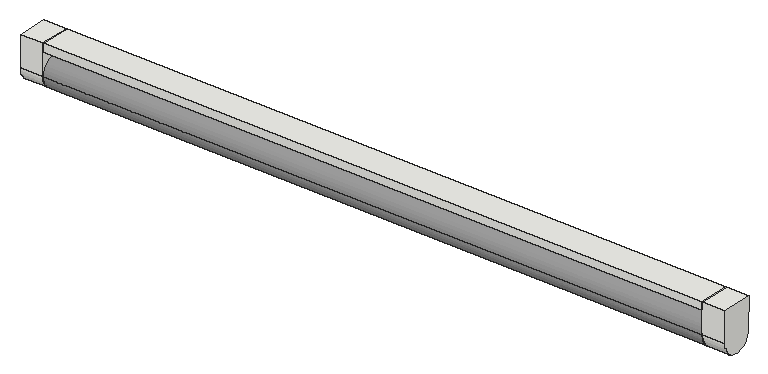
Revit family "M_Luminária embutida - Faixa", category Luminárias, Revit 2019
Family settings
  Cota do conector redondo = Utilizar diâmetro
  Tipo de parte = Normal
  Número OmniClass = 23.80.70.11.14.11
  Título OmniClass = Downlights
  ID de item do Seek = Downlight - Strip-0000-CAN-ENU
  Com base no plano de trabalho = Não
  Sempre na vertical = Sim
  Corte com vazios quando carregada = Não
  Fonte luminosa = Sim
  Compartilhado = Não
  Ponto de cálculo do ambiente = Não
Parameters (values of type "0600mm - 120V")
  Comentários de voltagem = "17"
  Wattage = 17 W
  built-in parameter 1150110 = 1 (stored number, unit not read)
  built-in parameter 1114217 = 0.88 (stored number, unit not read)
  built-in parameter 1150109 = 1 (stored number, unit not read)
  built-in parameter 1150134 = 8
  built-in parameter 1150113 = 1 (stored number, unit not read)
  Tilt Angle = 90.00°
  Arquivo de rede fotométrica = "DS1T8.IES"
  Lumens = 1349.97 lm
  built-in parameter 1150115 = 1 (stored number, unit not read)
  built-in parameter 1150105 = 107.43 (stored number, unit not read)
  Classificação de carga = Iluminação - Unidade de interrupção
  built-in parameter 1150137 = 1
  built-in parameter 1150139 = (empty or 0)
  Elevação da luz [instance] = 1350 mm
  Comprimento da luz = 600 mm
  Material da caixa de luz = Aço, acabamento de pintura, marfim, com brilho
  built-in parameter 1150112 = 1 (stored number, unit not read)
  built-in parameter 1150114 = 1 (stored number, unit not read)
  Lâmpada = "T-8"
  built-in parameter 1150132 = (empty or 0)
  built-in parameter 1150102 = (empty or 0)
  built-in parameter 1150138 = (empty or 0)
  built-in parameter 1150107 = 4230 (stored number, unit not read)
  built-in parameter 1150106 = 1.0743 (stored number, unit not read)
  Material hidráulico = Vidro, Branco, Alta Luminosidade
  Emitir do comprimento da linha = Comprimento da luz - 38 mm  # 562 mm
  built-in parameter 1150104 = 7.3774 (stored number, unit not read)
  Troca de temperatura da cor de lâmpada com esmaecimento = <Nenhum>
  Filtro de cor = 16777215
  Voltagem do transformador = 120 V
  Transformador por número de postes = 1
  built-in parameter 1114218 = 0.88 (stored number, unit not read)
  built-in parameter 1150133 = 10 (stored number, unit not read)
  Código de montagem = "D5020210"
  Carga aparente = 17 VA
Types (5, lengths in mm): name | Comentários de voltagem | Wattage | Arquivo de rede fotométrica | Lumens | built-in parameter 1150105 | Comprimento da luz | Lâmpada | built-in parameter 1150106 | Emitir do comprimento da linha | built-in parameter 1150104 | Voltagem do transformador | Carga aparente
  (no name) | "17" | 17 W | "DS1T8.IES" | 1349.97 lm | 107.43 (stored number, unit not read) | 600 | "T-8" | 1.0743 (stored number, unit not read) | 562 | 7.3774 (stored number, unit not read) | 120 V | 17 VA
  1200mm - 120V | "40" | 40 W | "DS1T12.IES" | 3150 lm | 250.67 (stored number, unit not read) | 1200 | "T-12" | 2.5067 (stored number, unit not read) | 1162 | 7.3161 (stored number, unit not read) | 120 V | 40 VA
  0600mm - 120V | "17" | 17 W | "DS1T8.IES" | 1349.97 lm | 107.43 (stored number, unit not read) | 600 | "T-8" | 1.0743 (stored number, unit not read) | 562 | 7.3774 (stored number, unit not read) | 120 V | 17 VA
  0600mm - 277V | "17" | 17 W | "DS1T8.IES" | 1349.97 lm | 107.43 (stored number, unit not read) | 600 | "T-8" | 1.0743 (stored number, unit not read) | 562 | 7.3774 (stored number, unit not read) | 277 V | 17 VA
  1200mm - 277V | "40" | 40 W | "DS1T12.IES" | 3150 lm | 250.67 (stored number, unit not read) | 1200 | "T-12" | 2.5067 (stored number, unit not read) | 1162 | 7.3161 (stored number, unit not read) | 277 V | 40 VA
Reference planes
  plane 1 "Eixo de origem da luz (F/T)": y = -218.644
  plane 2: z = 0
  plane 3 "Eixo de origem da luz (E/D)": x = 0
  plane 4 "Elevação da origem da luz": z = 1324.6
  plane 5 "Esquerda": x = -300
  plane 6 "Direita": x = 300
  plane 7: x = -280.95
  plane 8: x = 280.95
  plane 9: z = 1350
  plane 10: z = 1343.65
Forms (mm)
  Extrusion 1, solid, material "Aço, acabamento de pintura, marfim, com brilho" <- "Material da caixa de luz"
    sketch origin (0, 0, 0) x (0, 1, 0) y (0, 0, 1)
      loop
        line (-205.944, 1350) -> (-231.344, 1350) -> (-231.344, 1324.6)
        arc (-231.344, 1324.6) -> (-218.644, 1311.9) -> (-205.944, 1324.6) r 12.7
        line (-205.944, 1324.6) -> (-205.944, 1350)
    from 280.95 to 300
  Extrusion 2, solid, material "Aço, acabamento de pintura, marfim, com brilho" <- "Material da caixa de luz"
    sketch origin (0, 0, 0) x (0, 1, 0) y (0, 0, 1)
      loop
        line (-205.944, 1350) -> (-231.344, 1350) -> (-231.344, 1324.6)
        arc (-231.344, 1324.6) -> (-218.644, 1311.9) -> (-205.944, 1324.6) r 12.7
        line (-205.944, 1324.6) -> (-205.944, 1350)
    from -300 to -280.95
  Extrusion 3, solid, material "Aço, acabamento de pintura, marfim, com brilho" <- "Material da caixa de luz"
    sketch origin (0, 0, 0) x (0, 1, 0) y (0, 0, 1)
      loop
        line (-205.944, 1350) -> (-231.344, 1350) -> (-231.344, 1343.65) -> (-205.944, 1343.65) -> (-205.944, 1350)
    from -280.95 to 280.95
  Extrusion 4, solid, material "Vidro, Branco, Alta Luminosidade" <- "Material hidráulico"
    sketch origin (0, 0, 0) x (0, 1, 0) y (0, 0, 1)
      loop
        circle (-218.644, 1324.6) r 12.7
    from -280.95 to 280.95
Dimensions and locks
  equal spacing: plane 5 "Esquerda", plane 3 "Eixo de origem da luz (E/D)", plane 6 "Direita"
  "Comprimento da luz": plane 5 "Esquerda" to plane 6 "Direita"
  locked: plane 5 "Esquerda" to plane 7 at 19.05
  locked: plane 8 to plane 6 "Direita" at 19.05
  locked: plane 9 to plane 4 "Elevação da origem da luz" at 25.4
  "Elevação da luz": plane 9 to level
  locked: plane 9 to plane 10 at 6.35
  aligned and locked: plane 6 "Direita" to Extrusion 1
  aligned and locked: Extrusion 2 to plane 5 "Esquerda"
  aligned and locked: Extrusion 3 sketch curve to Extrusion 1  (x3)
  aligned and locked: plane 10 to Extrusion 3 sketch curve
  aligned and locked: Extrusion 2 to plane 7
  aligned and locked: plane 8 to Extrusion 1
  aligned and locked: Extrusion 3 to plane 8
  aligned and locked: plane 7 to Extrusion 3
  aligned and locked: Extrusion 4 to plane 8
  aligned and locked: plane 7 to Extrusion 4
  aligned and locked: plane 3 "Eixo de origem da luz (E/D)" to imposter light
  aligned and locked: plane 1 "Eixo de origem da luz (F/T)" to imposter light
  aligned and locked: plane 4 "Elevação da origem da luz" to imposter light
Automatic sketch dimensions
  Extrusion 1 sketch curve to plane 9 = 0 mm
  Extrusion 1 sketch curve to plane 4 "Elevação da origem da luz" = 0 mm
  Extrusion 1 sketch curve to plane 1 "Eixo de origem da luz (F/T)" = 0 mm
  Extrusion 1 sketch curve to plane 1 "Eixo de origem da luz (F/T)" = 12.7 mm
  Extrusion 2 sketch curve to plane 1 "Eixo de origem da luz (F/T)" = 0 mm
  plane 1 "Eixo de origem da luz (F/T)" to Extrusion 2 sketch curve = 12.7 mm
  Extrusion 2 sketch curve to plane 9 = 25.4 mm
  Extrusion 2 sketch curve to Extrusion 2 sketch curve = 25.4 mm
  Extrusion 4 sketch curve to plane 1 "Eixo de origem da luz (F/T)" = 0 mm
  Extrusion 4 sketch curve to plane 4 "Elevação da origem da luz" = 0 mm
  radius of Extrusion 4 sketch curve = 12.7 mm
Connectors
  electrical at (0, -218.644, 1350), driven by "Carga aparente", driven by "Voltagem do transformador", driven by "Transformador por número de postes", driven by "Classificação de carga"
    settings: on Extrusion 3, index 1, voltage 120 V, apparent load 0 VA, apparent load phase1 17 VA, apparent load phase2 0 VA, apparent load phase3 0 VA, power factor 0.95, load classification "Iluminação - Unidade de interrupção", number of poles 1, system type 31, power factor state 1, is connector primary yes, connector utility no, sub classification motor no, connector description ""
